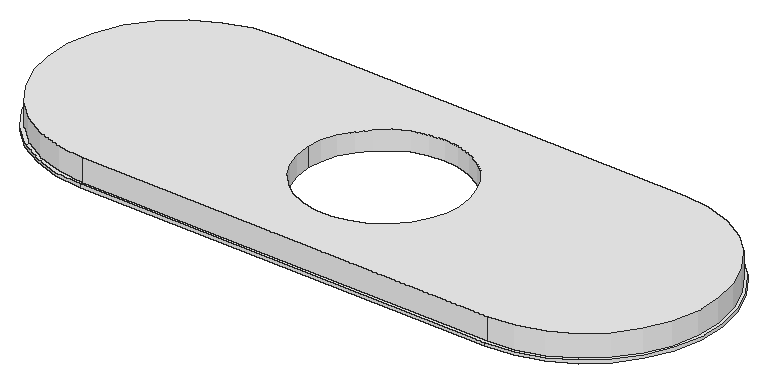
Revit family "xxxDeck_Plate-American_Standard-Selectronic-Clean_IR-7020XP0_Series", category Plumbing Fixtures, Revit 2019
Family settings
  Round Connector Dimension = Use Diameter
  Part Type = Normal
  OmniClass Number = 23.45.55.14
  OmniClass Title = Single Faucets
  Work Plane-Based = Yes
  Always vertical = No
  Cut with Voids When Loaded = No
  Shared = Yes
  Room Calculation Point = No
Parameters (values of type "70204P0.002")
  Overall Width = if([4" Deck Plate], 6 1/2", 10 1/16")  # 6 1/2"
  Waste Connection = no
  Warranty Information = "5 Year Limited Warranty"
  WFU = 0
  Vent Connection = no
  URL = "http://www.americanstandard-us.com/"
  Type Comments = "Metal deck plate for use with single post Clean-IR™\r\nSensor faucets."  # constant formula
  Putty Plate Included = yes
  Product Page URL = "https://www.americanstandard-us.com/Sensor-Commercial-Faucets/Clean-IR-4-Inch-Deck-Plate/CHROME-70204P0002"
  Price = "Prices may vary. Please consult Manufacturer Representative for most up-to-date price list."  # constant formula
  Plate Width = if([4" Deck Plate], 6 1/2", 10")  # 6 1/2"
  Putty Plate Length = if([4" Deck Plate], 2 7/16", 2 3/8")  # 2 7/16"
  Overall Length = 2 1/2"
  Model = "70204P0.002"
  Material = "Stainless Steel-American Standard-002-Polished Chrome"
  Manufacturer = "American Standard"
  Installation Type = "Deck Mounted"
  Height = if([4" Deck Plate], 1/4", 3/16")  # 1/4"
  HWFU = 0
  HW Connection = no
  Finish = Stainless Steel-American Standard-002-Polished Chrome
  Description = "Selectronic Clean IR™ 4-Inch Deck Plate"
  Default Elevation = 0"
  Creation Date = "01/22/2022"  # constant formula
  CWFU = 0
  CW Connection = no
  Assembly Code = "D2020300"
  8" Deck Plate = not([4" Deck Plate])  # no
  4" Deck Plate = yes
Types (5): name | Overall Width | Product Page URL | Plate Width | Putty Plate Length | Model | Material | Height | Finish | Description | 8" Deck Plate | 4" Deck Plate
  (no name) | 6 1/2" | "https://www.americanstandard-us.com/Sensor-Commercial-Faucets/Clean-IR-4-Inch-Deck-Plate/CHROME-70204P0002" | 6 1/2" | 2 7/16" | "70204P0.002" | "Stainless Steel-American Standard-002-Polished Chrome" | 1/4" | Stainless Steel-American Standard-002-Polished Chrome | "Selectronic Clean IR™ 4-Inch Deck Plate" | no | yes
  70204P0.002 | 6 1/2" | "https://www.americanstandard-us.com/Sensor-Commercial-Faucets/Clean-IR-4-Inch-Deck-Plate/CHROME-70204P0002" | 6 1/2" | 2 7/16" | "70204P0.002" | "Stainless Steel-American Standard-002-Polished Chrome" | 1/4" | Stainless Steel-American Standard-002-Polished Chrome | "Selectronic Clean IR™ 4-Inch Deck Plate" | no | yes
  70204P0.295 | 6 1/2" | "https://www.americanstandard-us.com/Sensor-Commercial-Faucets/Clean-IR-4-Inch-Deck-Plate/BRUSHED-NICKEL-70204P0295" | 6 1/2" | 2 7/16" | "70204P0.295" | "Stainless Steel-American Standard-295-Brushed Nickel" | 1/4" | Stainless Steel-American Standard-295-Brushed Nickel | "Selectronic Clean IR™ 4-Inch Deck Plate" | no | yes
  70208P0.002 | 10 1/16" | "https://www.americanstandard-us.com/Sensor-Commercial-Faucets/Clean-IR-8-Inch-Deck-Plate/CHROME-70208P0002" | 10" | 2 3/8" | "70208P0.002" | "Stainless Steel-American Standard-002-Polished Chrome" | 3/16" | Stainless Steel-American Standard-002-Polished Chrome | "Selectronic Clean IR™ 8-Inch Deck Plate" | yes | no
  70208P0.295 | 10 1/16" | "https://www.americanstandard-us.com/Sensor-Commercial-Faucets/Clean-IR-8-Inch-Deck-Plate/BRUSHED-NICKEL-70208P0295" | 10" | 2 3/8" | "70208P0.295" | "Stainless Steel-American Standard-295-Brushed Nickel" | 3/16" | Stainless Steel-American Standard-295-Brushed Nickel | "Selectronic Clean IR™ 8-Inch Deck Plate" | yes | no
Reference planes (in)
  plane 1 "Center (Front/Back)": y = 0
  plane 2: z = 0
  plane 3 "Center (Left/Right)": x = 0
  plane 4: x = -3.25
  plane 5: x = 3.25
  plane 6 "change 2": y = -1.21875
  plane 7 "Change": y = 1.21875
  plane 8 "1/2": y = 1.25
  plane 9 "1/2 (2)": y = -1.25
  plane 10: y = -1.28125
  plane 11: x = -10.0625
  plane 12: z = 0.25
Forms (in)
  Sweep 1, solid, material "Stainless Steel-American Standard-002-Polished Chrome" <- "Finish"
    path origin (0, 0, 0) x (1, 0, 0) y (0, 1, 0)
      loop
        arc (-2, 1.25) -> (-3.25, 0) -> (-2, -1.25) r 1.25
        line (-2, -1.25) -> (2, -1.25)
        arc (2, -1.25) -> (3.25, 0) -> (2, 1.25) r 1.25
        line (2, 1.25) -> (-2, 1.25)
    profile origin (0, 1.25, 0) x (0, 1, 0) y (0, 0, 1)
      loop
        line (-0.03125, 0.25) -> (-0.22831, 0.25) -> (-0.22831, 0) -> (0, 0) -> (0, 0.03125) -> (-0.03125, 0.03125) -> (-0.03125, 0.25)
  Extrusion 2, void
    sketch origin (0, 0, 0) x (1, 0, 0) y (0, 1, 0)
      loop
        circle (0, 0) r 0.75
    from 0 to 0.26271
  Extrusion 3, solid, material "Stainless Steel-American Standard-002-Polished Chrome" <- "Finish"
    sketch origin (-2, 1.25, 0) x (0, -1, 0) y (-1, 0, 0)
      loop
        line (0.22831, 0) -> (0.22831, -4)
        arc (0.22831, -4) -> (1.25, -5.02169) -> (2.27169, -4) r 1.02169
        line (2.27169, -4) -> (2.27169, 0)
        arc (2.27169, 0) -> (1.25, 1.02169) -> (0.22831, 0) r 1.02169
    from -0.25 to -0.0625
Cuts and joins
  Extrusion 2 cuts Sweep 1
  Extrusion 2 cuts Extrusion 3
  joined: Sweep 1, Extrusion 3
Lines and regions (in)
  Masking region 1
    outline origin (0, 0, 0) x (1, 0, 0) y (0, 1, 0)
      loop
        line (-2, -1.25) -> (2, -1.25)
        arc (2, -1.25) -> (3.25, 0) -> (2, 1.25) r 1.25
        line (2, 1.25) -> (-2, 1.25)
        arc (-2, 1.25) -> (-3.25, 0) -> (-2, -1.25) r 1.25
  symbolic lines, detail levels fine
    curve 1: arc (-2, -1.21875, 0) -> (-3.21875, 0, 0) -> (-2, 1.21875, 0) r 1.21875
    curve 2: line (2, 1.21875, 0) -> (-2, 1.21875, 0)
    curve 3: line (-2, -1.21875, 0) -> (2, -1.21875, 0)
    curve 4: arc (2, 1.21875, 0) -> (3.21875, 0, 0) -> (2, -1.21875, 0) r 1.21875
  symbolic lines, detail levels medium+fine
    curve 5: circle (0, 0, 0) r 0.75 normal (0, 0, 1)
Dimensions and locks (in)
  "Height": Sweep 1 sketch curve to Sweep 1 sketch curve
  locked: Sweep 1 sketch curve to Sweep 1 sketch curve at 0.03125
  equal spacing: plane 4, plane 3 "Center (Left/Right)", plane 5
  "Overall Width": plane 4 to plane 5
  "Overall Length": plane 8 "1/2" to plane 9 "1/2 (2)"
  equal spacing: plane 6 "change 2", plane 1 "Center (Front/Back)", plane 7 "Change"
  "Putty Plate Length": plane 6 "change 2" to plane 7 "Change"
  "Height": plane 12 to level
  equal spacing: Sweep 1 sketch curve, plane 3 "Center (Left/Right)", Sweep 1 sketch curve
  aligned and locked: Sweep 1 sketch curve to level
  aligned and locked: plane 1 "Center (Front/Back)" to Extrusion 2 sketch curve
  aligned and locked: plane 3 "Center (Left/Right)" to Extrusion 2 sketch curve
  aligned and locked: Masking region 1 sketch curve to cut or joined group of Sweep 1, Extrusion 2, Extrusion 3
  aligned and locked: curve 1 to cut or joined group of Sweep 1, Extrusion 2, Extrusion 3
  aligned and locked: curve 5 to cut or joined group of Sweep 1, Extrusion 2, Extrusion 3
  aligned and locked: plane 8 "1/2" to Sweep 1 sketch curve
  aligned and locked: plane 7 "Change" to Sweep 1 sketch curve
  aligned and locked: Extrusion 3 sketch curve to cut or joined group of Sweep 1, Extrusion 2, Extrusion 3  (x2)
  aligned and locked: Sweep 1 sketch curve to plane 8 "1/2"
  aligned and locked: plane 1 "Center (Front/Back)" to Sweep 1 sketch curve  (x2)
  aligned and locked: plane 12 to cut or joined group of Sweep 1, Extrusion 2, Extrusion 3
Automatic sketch dimensions
  curve 4 to plane 5 = 1 1/4"
  Masking region 1 sketch curve to plane 5 = 1 1/4"
  Sweep 1 sketch curve to Sweep 1 sketch curve = 0.19706"
  Sweep 1 sketch curve to plane 4 = 1 1/4"
  radius of Extrusion 2 sketch curve = 3/4"
